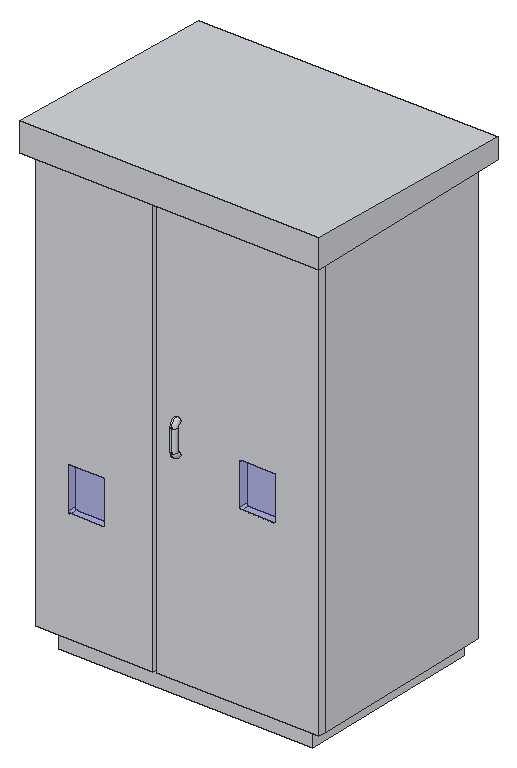
Revit family "スイッチボード", category Electrical Equipment, Revit 2021
Family settings
  Round Connector Dimension = Use Diameter
  Part Type = Switchboard
  Work Plane-Based = No
  Always vertical = Yes
  Cut with Voids When Loaded = No
  Shared = No
  Room Calculation Point = No
Parameters (values of type "標準")
  幅 4 = 幅 / 8.2  # 180.488 mm
  幅 3 = 幅 / 4.94  # 299.595 mm
  幅 2 = 幅 / 5.92  # 250.0 mm
  幅 1 = 幅 / 14.8  # 100.0 mm
  幅 = 1480.0 mm
  Voltage = ""
  半径 1 = 10.0 mm
  主電圧 = 7200 V
  出力電圧 = 210 V
  極数 = 3
  マテリアル 2 = ガラス
  マテリアル 1 = none
  built-in parameter 1140142 [instance] = -1
  built-in parameter 1155150 [instance] = (empty or 0)
  built-in parameter 1140140 [instance] = 200 (stored number, unit not read)
  負荷分類 = その他
  長さ = 1110.0 mm
  高さ 3 = 高さ / 10.9  # 220.642 mm
  高さ 2 = 高さ / 2.22  # 1083.333 mm
  高さ 1 = 高さ / 3.14  # 765.924 mm
  高さ = 2405.0 mm
  皮相負荷 = 150000 VA
  built-in parameter 1155100 [instance] = -1
  Default Elevation = 0.0 mm
Reference planes
  plane 1 "中心(正面/背面)": y = 0
  plane 2: z = 0
  plane 3 "中心(左/右)": x = 0
  plane 4: x = -740
  plane 5: x = 740
  plane 6: x = -700
  plane 7: x = 700
  plane 8: z = 2405
  plane 9: x = -100
  plane 10: z = 2350
  plane 11: z = 100
  plane 12: z = 765.924
  plane 13: z = 1083.333
  plane 14: x = 400.405
  plane 15: x = -450
  plane 16: x = -120
  plane 17: z = 1183.333
  plane 18: y = -1020
  plane 19: y = 0
  plane 20: y = -1110
  plane 21: y = -1060
  plane 22: z = 2310
  plane 23: z = 2210
  plane 24: z = 2190
  plane 25: x = -630
  plane 26: x = 630
  plane 27: y = -1010
  plane 28: y = -945
  plane 29: y = -125
  plane 30: y = -835
  plane 31: y = -235
  plane 32: x = 600
  plane 33: x = -200
  plane 34: x = -450
  plane 35: x = -340
  plane 36: y = -890
  plane 37: y = -90
  plane 38: z = 190
  plane 39: y = -70
  plane 40: x = -620
  plane 41: y = -80
  plane 42: x = 620
  plane 43: y = -1000
Forms (mm)
  Extrusion 1, solid, material <- "マテリアル 1"
    sketch origin (0, 0, 0) x (1, 0, 0) y (0, 0, 1)
      loop
        line (-700, 2210) -> (-700, 100) -> (700, 100) -> (700, 2210) -> (-700, 2210)
    from 70 to 1020
  Extrusion 2, solid, material <- "マテリアル 1"
    sketch origin (0, 0, 0) x (0, 1, 0) y (0, 0, 1)
      loop
        line (-1110, 2210) -> (0, 2210) -> (0, 2310) -> (-1110, 2350) -> (-1110, 2210)
    from -740 to 740
  Extrusion 3, solid, material <- "マテリアル 1", detail levels medium+fine
    sketch origin (0, 0, 0) x (1, 0, 0) y (0, 0, 1)
      loop
        line (-100, 2190) -> (-100, 100) -> (700, 100) -> (700, 2190) -> (-100, 2190)
    from 1020 to 1060
  Extrusion 4, solid, material <- "マテリアル 1", detail levels medium+fine
    sketch origin (0, 0, 0) x (1, 0, 0) y (0, 0, 1)
      loop
        line (-700, 2190) -> (-700, 100) -> (-120, 100) -> (-120, 2190) -> (-700, 2190)
    from 1020 to 1060
  Extrusion 5, solid, material "ガラス" <- "マテリアル 2", detail levels medium+fine
    sketch origin (0, 0, 0) x (1, 0, 0) y (0, 0, 1)
      loop
        line (310.161, 1183.654) -> (310.161, 983.012)
        arc (310.161, 983.012) -> (313.09, 975.941) -> (320.161, 973.012) r 10
        line (320.161, 973.012) -> (480.649, 973.012)
        arc (480.649, 973.012) -> (487.72, 975.941) -> (490.649, 983.012) r 10
        line (490.649, 983.012) -> (490.649, 1183.654)
        arc (490.649, 1183.654) -> (487.72, 1190.726) -> (480.649, 1193.654) r 10
        line (480.649, 1193.654) -> (320.161, 1193.654)
        arc (320.161, 1193.654) -> (313.09, 1190.726) -> (310.161, 1183.654) r 10
    from 1020 to 1060
  Extrusion 6, solid, material "ガラス" <- "マテリアル 2", detail levels medium+fine
    sketch origin (0, 0, 0) x (1, 0, 0) y (0, 0, 1)
      loop
        line (-540.244, 866.245) -> (-540.244, 665.602)
        arc (-540.244, 665.602) -> (-537.315, 658.531) -> (-530.244, 655.602) r 10
        line (-530.244, 655.602) -> (-369.756, 655.602)
        arc (-369.756, 655.602) -> (-362.685, 658.531) -> (-359.756, 665.602) r 10
        line (-359.756, 665.602) -> (-359.756, 866.245)
        arc (-359.756, 866.245) -> (-362.685, 873.316) -> (-369.756, 876.245) r 10
        line (-369.756, 876.245) -> (-530.244, 876.245)
        arc (-530.244, 876.245) -> (-537.315, 873.316) -> (-540.244, 866.245) r 10
    from 1020 to 1060
  Sweep 7, solid, material <- "マテリアル 1", detail levels medium+fine
    path in 3D
      loop
        line (0, -1020, 1258.333) -> (0, -1060, 1258.333)
        arc (0, -1060, 1258.333) -> (0, -1074.142, 1252.475) -> (0, -1080, 1238.333) r 20
        line (0, -1080, 1238.333) -> (0, -1080, 1128.333)
        arc (0, -1080, 1128.333) -> (0, -1074.142, 1114.191) -> (0, -1060, 1108.333) r 20
        line (0, -1060, 1108.333) -> (0, -1020, 1108.333)
    profile origin (0, -1040, 1258.333) x (0, 0, -1) y (1, 0, 0)
      loop
        circle (0, 0) r 15
  Extrusion 8, void
    sketch origin (0, 0, 0) x (1, 0, 0) y (0, 0, 1)
      loop
        line (310.161, 1183.654) -> (310.161, 983.012)
        arc (310.161, 983.012) -> (313.09, 975.941) -> (320.161, 973.012) r 10
        line (320.161, 973.012) -> (480.649, 973.012)
        arc (480.649, 973.012) -> (487.72, 975.941) -> (490.649, 983.012) r 10
        line (490.649, 983.012) -> (490.649, 1183.654)
        arc (490.649, 1183.654) -> (487.72, 1190.726) -> (480.649, 1193.654) r 10
        line (480.649, 1193.654) -> (320.161, 1193.654)
        arc (320.161, 1193.654) -> (313.09, 1190.726) -> (310.161, 1183.654) r 10
    from 1020 to 1060
  Extrusion 9, void
    sketch origin (0, 0, 0) x (1, 0, 0) y (0, 0, 1)
      loop
        arc (-530.244, 876.245) -> (-537.315, 873.316) -> (-540.244, 866.245) r 10
        line (-540.244, 866.245) -> (-540.244, 665.602)
        arc (-540.244, 665.602) -> (-537.315, 658.531) -> (-530.244, 655.602) r 10
        line (-530.244, 655.602) -> (-369.756, 655.602)
        arc (-369.756, 655.602) -> (-362.685, 658.531) -> (-359.756, 665.602) r 10
        line (-359.756, 665.602) -> (-359.756, 866.245)
        arc (-359.756, 866.245) -> (-362.685, 873.316) -> (-369.756, 876.245) r 10
        line (-369.756, 876.245) -> (-530.244, 876.245)
    from 1020 to 1060
  Extrusion 10, solid, material <- "マテリアル 1", detail levels coarse
    sketch origin (0, 0, 0) x (1, 0, 0) y (0, 0, 1)
      loop
        line (-700, 2190) -> (-700, 100) -> (-120, 100) -> (-120, 2190) -> (-700, 2190)
    from 1020 to 1060
  Extrusion 11, solid, material <- "マテリアル 1", detail levels coarse
    sketch origin (0, 0, 0) x (1, 0, 0) y (0, 0, 1)
      loop
        line (-100, 2190) -> (-100, 100) -> (700, 100) -> (700, 2190) -> (-100, 2190)
    from 1020 to 1060
  Extrusion 12, solid, material <- "マテリアル 1"
    sketch origin (0, 0, 0) x (0, 1, 0) y (0, 0, 1)
      loop
        line (-945, 100) -> (-835, 100) -> (-835, 190) -> (-945, 190) -> (-945, 100)
    from 0 to 600
  Extrusion 13, solid, material <- "マテリアル 1"
    sketch origin (0, 0, 0) x (0, 1, 0) y (0, 0, 1)
      loop
        line (-235, 100) -> (-125, 100) -> (-125, 190) -> (-235, 190) -> (-235, 100)
    from -450 to -340
  Sweep 14, solid, material <- "マテリアル 1", detail levels coarse
    path in 3D
      loop
        line (0, -1020, 1258.333) -> (0, -1060, 1258.333)
        arc (0, -1060, 1258.333) -> (0, -1074.142, 1252.475) -> (0, -1080, 1238.333) r 20
        line (0, -1080, 1238.333) -> (0, -1080, 1128.333)
        arc (0, -1080, 1128.333) -> (0, -1074.142, 1114.191) -> (0, -1060, 1108.333) r 20
        line (0, -1060, 1108.333) -> (0, -1020, 1108.333)
    profile origin (0, -1040, 1258.333) x (0, 0, -1) y (1, 0, 0)
      loop
        circle (0, 0) r 15
  Extrusion 15, solid, material <- "マテリアル 1"
    sketch origin (0, 0, 0) x (0, 1, 0) y (0, 0, 1)
      loop
        line (-90, 2190) -> (-890, 2190) -> (-890, 100) -> (-90, 100) -> (-90, 2190)
    from -740 to -700
  Extrusion 16, solid, material <- "マテリアル 1"
    sketch origin (0, 0, 0) x (1, 0, 0) y (0, 1, 0)
      loop
        line (-630, -70) -> (-630, -1010) -> (630, -1010) -> (630, -70) -> (-630, -70)
      loop
        line (-620, -80) -> (-620, -1000) -> (620, -1000) -> (620, -80) -> (-620, -80)
    from 0 to 100
Cuts and joins
  Extrusion 8 cuts Extrusion 3
  Extrusion 9 cuts Extrusion 4
  joined: Extrusion 3, Extrusion 4, Sweep 7
  joined: Extrusion 10, Extrusion 11, Sweep 14
  joined: Extrusion 12, Extrusion 13
  joined: Extrusion 5, Extrusion 6
Lines and regions (mm)
  reference lines
    curve 1: line (320.161, 0, 1193.654) -> (480.649, 0, 1193.654)
    curve 2: line (320.161, 0, 973.012) -> (480.649, 0, 973.012)
    curve 3: line (490.649, 0, 1183.654) -> (490.649, 0, 983.012)
    curve 4: line (310.161, 0, 1183.654) -> (310.161, 0, 983.012)
    curve 5: arc (310.161, 0, 1183.654) -> (313.09, 0, 1190.726) -> (320.161, 0, 1193.654) r 10
    curve 6: arc (480.649, 0, 1193.654) -> (487.72, 0, 1190.726) -> (490.649, 0, 1183.654) r 10
    curve 7: arc (490.649, 0, 983.012) -> (487.72, 0, 975.941) -> (480.649, 0, 973.012) r 10
    curve 8: arc (310.161, 0, 983.012) -> (313.09, 0, 975.941) -> (320.161, 0, 973.012) r 10
    curve 9: arc (-540.244, 0, 866.245) -> (-537.315, 0, 873.316) -> (-530.244, 0, 876.245) r 10
    curve 10: arc (-359.756, 0, 866.245) -> (-362.685, 0, 873.316) -> (-369.756, 0, 876.245) r 10
    curve 11: arc (-359.756, 0, 665.602) -> (-362.685, 0, 658.531) -> (-369.756, 0, 655.602) r 10
    curve 12: arc (-540.244, 0, 665.602) -> (-537.315, 0, 658.531) -> (-530.244, 0, 655.602) r 10
    curve 13: line (-530.244, 0, 876.245) -> (-369.756, 0, 876.245)
    curve 14: line (-540.244, 0, 665.602) -> (-540.244, 0, 866.245)
    curve 15: line (-369.756, 0, 655.602) -> (-530.244, 0, 655.602)
    curve 16: line (-359.756, 0, 866.245) -> (-359.756, 0, 665.602)
    curve 17: line (0, -1020, 1258.333) -> (0, -1060, 1258.333)
    curve 18: line (0, -1020, 1108.333) -> (0, -1060, 1108.333)
    curve 19: arc (0, -1060, 1258.333) -> (0, -1074.142, 1252.475) -> (0, -1080, 1238.333) r 20
    curve 20: arc (0, -1060, 1108.333) -> (0, -1074.142, 1114.191) -> (0, -1080, 1128.333) r 20
    curve 21: line (0, -1080, 1238.333) -> (0, -1080, 1128.333)
    curve 27: line (-300, -300, 0) -> (-300, 0, 0)
    curve 28: line (300, -300, 0) -> (300, 0, 0)
    curve 29: line (-300, -300, 0) -> (300, -300, 0)
  sketch lines
    curve 22: line (0, -1020, 1258.333) -> (0, -1060, 1258.333)
    curve 23: arc (0, -1060, 1258.333) -> (0, -1074.142, 1252.475) -> (0, -1080, 1238.333) r 20
    curve 24: line (0, -1080, 1238.333) -> (0, -1080, 1128.333)
    curve 25: arc (0, -1060, 1108.333) -> (0, -1074.142, 1114.191) -> (0, -1080, 1128.333) r 20
    curve 26: line (0, -1020, 1108.333) -> (0, -1060, 1108.333)
    curve 36: line (0, -1020, 1258.333) -> (0, -1060, 1258.333)
    curve 37: arc (0, -1060, 1258.333) -> (0, -1074.142, 1252.475) -> (0, -1080, 1238.333) r 20
    curve 38: line (0, -1080, 1238.333) -> (0, -1080, 1128.333)
    curve 39: arc (0, -1060, 1108.333) -> (0, -1074.142, 1114.191) -> (0, -1080, 1128.333) r 20
    curve 40: line (0, -1020, 1108.333) -> (0, -1060, 1108.333)
  symbolic lines
    curve 30: line (-300, 0, 0) -> (300, 0, 0)
    curve 31: line (-300, -300, 0) -> (-300, 0, 0)
    curve 32: line (300, -300, 0) -> (-300, -300, 0)
    curve 33: line (300, 0, 0) -> (300, -300, 0)
    curve 34: line (-300, 0, 0) -> (300, -300, 0)
    curve 35: line (300, 0, 0) -> (-300, -300, 0)
Dimensions and locks
  equal spacing: plane 5, plane 3 "中心(左/右)", plane 4
  "幅": plane 5 to plane 4
  locked: plane 6 to plane 4 at 40
  locked: plane 5 to plane 7 at 40
  "高さ": plane 8 to plane 2
  "幅 1": plane 3 "中心(左/右)" to plane 9
  locked: plane 8 to plane 10 at 55
  locked: plane 11 to plane 2 at 100
  "高さ 1": plane 12 to plane 2
  "高さ 2": plane 13 to plane 2
  "幅 2": plane 6 to plane 15
  "幅 3": plane 14 to plane 7
  locked: plane 9 to plane 16 at 20
  locked: plane 17 to plane 13 at 100
  equal spacing: curve 3, plane 14, curve 4
  "幅 4": curve 4 to curve 3
  equal spacing: curve 1, plane 13, curve 2
  "高さ 3": curve 1 to curve 2
  equal spacing: curve 13, plane 12, curve 15
  "高さ 3": curve 13 to curve 15
  equal spacing: curve 16, plane 15, curve 14
  "幅 4": curve 16 to curve 14
  "長さ": plane 20 to plane 19
  locked: plane 20 to plane 18 at 90
  locked: plane 20 to plane 21 at 50
  locked: plane 8 to plane 22 at 95
  locked: plane 22 to plane 23 at 100
  locked: plane 23 to plane 24 at 20
  locked: plane 6 to plane 25 at 70
  locked: plane 26 to plane 7 at 70
  equal spacing: curve 17, plane 17, curve 18
  locked: curve 17 to curve 18 at 150
  locked: curve 21 to plane 21 at 20
  locked: plane 18 to plane 27 at 10
  locked: plane 27 to plane 28 at 65
  locked: plane 28 to plane 30 at 110
  locked: plane 31 to plane 29 at 110
  locked: plane 32 to plane 7 at 100
  locked: plane 33 to plane 32 at 800
  locked: plane 34 to plane 35 at 110
  equal spacing: curve 27, plane 3 "中心(左/右)", curve 28
  locked: curve 27 to curve 28 at 600
  locked: curve 29 to plane 19 at 300
  locked: plane 36 to plane 18 at 130
  "幅 2": plane 6 to plane 34
  locked: plane 38 to plane 11 at 90
  locked: plane 39 to plane 19 at 70
  locked: plane 29 to plane 39 at 55
  locked: plane 41 to plane 39 at 10
  locked: plane 25 to plane 40 at 10
  locked: plane 42 to plane 26 at 10
  locked: plane 27 to plane 43 at 10
  locked: plane 39 to plane 37 at 20
  "半径 1": radius of curve 5
  "半径 1": radius of curve 6
  "半径 1": radius of curve 8
  "半径 1": radius of curve 7
  "半径 1": radius of curve 9
  "半径 1": radius of curve 10
  "半径 1": radius of curve 11
  "半径 1": radius of curve 12
  aligned and locked: level to plane 2
  aligned and locked: Extrusion 1 sketch curve to plane 23
  aligned and locked: Extrusion 1 sketch curve to plane 6
  aligned and locked: plane 11 to Extrusion 1 sketch curve
  aligned and locked: plane 7 to Extrusion 1 sketch curve
  aligned and locked: plane 18 to Extrusion 1
  aligned and locked: plane 10 to Extrusion 2 sketch curve
  aligned and locked: Extrusion 2 sketch curve to plane 20
  aligned and locked: Extrusion 2 sketch curve to plane 23
  aligned and locked: Extrusion 2 sketch curve to plane 19
  aligned and locked: plane 22 to Extrusion 2 sketch curve
  aligned and locked: plane 19 to Extrusion 2 sketch curve
  aligned and locked: plane 5 to Extrusion 2
  aligned and locked: Extrusion 2 to plane 4
  aligned and locked: Extrusion 3 sketch curve to plane 24
  aligned and locked: plane 9 to Extrusion 3 sketch curve
  aligned and locked: Extrusion 3 sketch curve to Extrusion 1  (x2)
  aligned and locked: Extrusion 4 sketch curve to plane 24
  aligned and locked: Extrusion 4 sketch curve to plane 6
  aligned and locked: plane 11 to Extrusion 4 sketch curve
  aligned and locked: Extrusion 4 sketch curve to plane 16
  aligned and locked: Extrusion 4 to plane 18
  aligned and locked: Extrusion 4 to plane 21
  aligned and locked: Extrusion 3 to plane 18
  aligned and locked: Extrusion 3 to plane 21
  aligned and locked: Extrusion 5 sketch curve to curve 5
  aligned and locked: Extrusion 5 sketch curve to curve 6
  aligned and locked: Extrusion 5 sketch curve to curve 7
  aligned and locked: Extrusion 5 sketch curve to curve 8
  aligned and locked: plane 21 to Extrusion 5
  aligned and locked: Extrusion 6 sketch curve to curve 9
  aligned and locked: Extrusion 6 sketch curve to curve 10
  aligned and locked: Extrusion 6 sketch curve to curve 11
  aligned and locked: Extrusion 6 sketch curve to curve 12
  aligned and locked: plane 21 to Extrusion 6
  aligned and locked: Extrusion 6 to plane 18
  aligned and locked: profile plane to Sweep 7 sketch curve  (x2)
  aligned and locked: Extrusion 8 sketch curve to curve 5
  aligned and locked: Extrusion 8 sketch curve to curve 6
  aligned and locked: Extrusion 8 sketch curve to curve 7
  aligned and locked: Extrusion 8 sketch curve to curve 8
  aligned and locked: plane 21 to Extrusion 8
  aligned and locked: Extrusion 8 to plane 18
  aligned and locked: Extrusion 9 sketch curve to curve 10
  aligned and locked: Extrusion 9 sketch curve to curve 9
  aligned and locked: Extrusion 9 sketch curve to curve 12
  aligned and locked: Extrusion 9 sketch curve to curve 11
  aligned and locked: plane 21 to Extrusion 9
  aligned and locked: Extrusion 9 to plane 18
  aligned and locked: Extrusion 10 sketch curve to cut or joined group of Extrusion 3, Extrusion 4, Sweep 7, Extrusion 8, Extrusion 9  (x4)
  aligned and locked: Extrusion 11 sketch curve to cut or joined group of Extrusion 3, Extrusion 4, Sweep 7, Extrusion 8, Extrusion 9  (x2)
  aligned and locked: plane 21 to Extrusion 11
  aligned and locked: Extrusion 11 to plane 18
  aligned and locked: Extrusion 10 to plane 21
  aligned and locked: Extrusion 10 to plane 18
  aligned and locked: Extrusion 12 sketch curve to plane 11
  aligned and locked: Extrusion 12 sketch curve to plane 28
  aligned and locked: plane 30 to Extrusion 12 sketch curve
  aligned and locked: Extrusion 13 sketch curve to plane 11
  aligned and locked: plane 31 to Extrusion 13 sketch curve
  aligned and locked: plane 29 to Extrusion 13 sketch curve
  aligned and locked: Extrusion 12 to plane 32
  aligned and locked: Extrusion 12 to plane 3 "中心(左/右)"
  aligned and locked: plane 35 to Extrusion 13
  aligned and locked: plane 34 to Extrusion 13
  aligned and locked: Extrusion 5 to plane 18
  aligned and locked: plane 19 to curve 28
  aligned and locked: plane 19 to curve 27
  aligned and locked: curve 31 to curve 27
  aligned and locked: curve 32 to curve 29
  aligned and locked: curve 33 to curve 28
  aligned and locked: profile plane to Sweep 14 sketch curve  (x2)
  aligned and locked: plane 24 to Extrusion 15 sketch curve
  aligned and locked: Extrusion 15 sketch curve to plane 37
  aligned and locked: plane 36 to Extrusion 15 sketch curve
  aligned and locked: Extrusion 15 to plane 4
  aligned and locked: Extrusion 15 to plane 6
  aligned and locked: Extrusion 16 to plane 2
  aligned and locked: plane 11 to Extrusion 16
  aligned and locked: plane 38 to Extrusion 13 sketch curve
  aligned and locked: Extrusion 13 to Extrusion 12
  aligned and locked: Extrusion 1 to plane 39
  aligned and locked: plane 39 to Extrusion 16 sketch curve
  aligned and locked: Extrusion 16 sketch curve to plane 40
  aligned and locked: plane 41 to Extrusion 16 sketch curve
  aligned and locked: plane 42 to Extrusion 16 sketch curve
  aligned and locked: Extrusion 16 sketch curve to plane 43
  aligned and locked: plane 1 "中心(正面/背面)" to plane 19
  aligned and locked: curve 32 to curve 35
  aligned and locked: curve 31 to curve 34
  aligned and locked: Extrusion 2 to curve 35
  aligned and locked: curve 28 to curve 34
  aligned and locked: curve 30 to Extrusion 2
Automatic sketch dimensions
  curve 17 to plane 21 = 0.0 mm
  curve 18 to plane 21 = 0.0 mm
  curve 17 to plane 18 = 0.0 mm
  curve 18 to plane 18 = 0.0 mm
  plane 7 to Extrusion 11 sketch curve = 0.0 mm
  Extrusion 11 sketch curve to plane 11 = 0.0 mm
  level to Extrusion 12 sketch curve = 190.0 mm
  Extrusion 15 sketch curve to plane 11 = 0.0 mm
  Extrusion 16 sketch curve to plane 25 = 0.0 mm
  Extrusion 16 sketch curve to plane 26 = 0.0 mm
  plane 27 to Extrusion 16 sketch curve = 0.0 mm
  radius of Sweep 7 sketch curve = 15.0 mm
  radius of Sweep 14 sketch curve = 15.0 mm
Connectors
  electrical at (0, -545, 100), driven by "極数", driven by "負荷分類", driven by "出力電圧", driven by "皮相負荷"
    settings: on Extrusion 1, index 1, voltage 210 V, apparent load 0 VA, apparent load phase1 150000 VA, apparent load phase2 0 VA, apparent load phase3 0 VA, power factor 1, load classification "その他", number of poles 3, system type 31, power factor state 1, is connector primary yes, connector utility no, sub classification motor no, connector description ""
  cabletrayconduit at (-395, -180, 100), diameter 600
    settings: on cut or joined group of Extrusion 12, Extrusion 13, index 2, connector width 300.0 mm, connector height 300.0 mm, connector angle 0.00°, system type 32, placement type 1, profile type 0, connector reference index -1, is primary connector yes, connector utility param no, connector description ""
  cabletrayconduit at (300, -890, 100), diameter 600
    settings: on cut or joined group of Extrusion 12, Extrusion 13, index 3, connector width 300.0 mm, connector height 300.0 mm, connector angle 0.00°, system type 32, placement type 1, profile type 0, connector reference index -1, is primary connector no, connector utility param no, connector description ""
